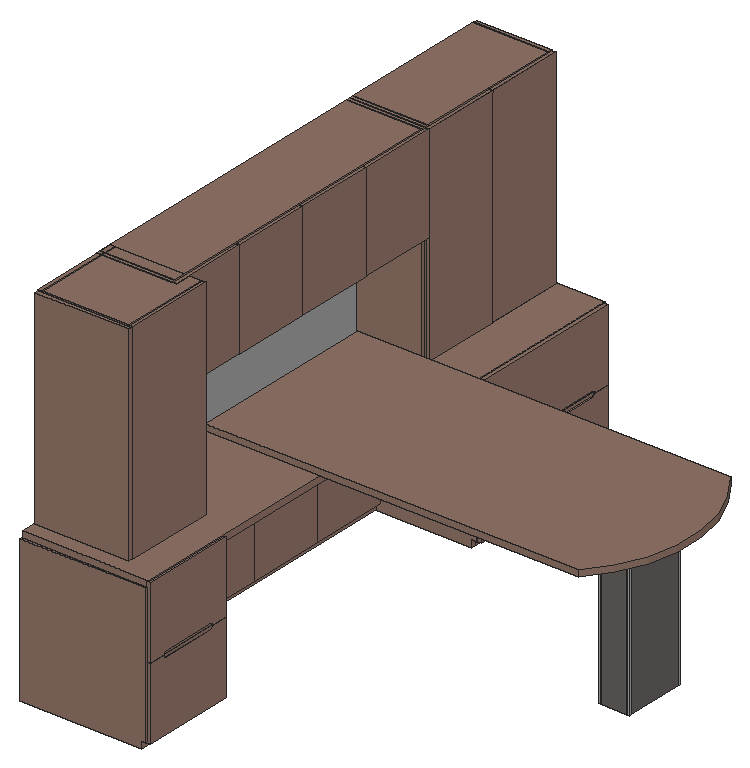
Revit family "T100041", category Furniture, Revit 2022 (continued)
Definition of nested family "OFS_Slate Private Office_Storage_Modular_Lateral_File"
  Automatic sketch dimensions
    plane 9 to Revolve 14 sketch curve = 0.00"
    Revolve 14 sketch curve to level = 0.00"  (x2)
    plane 12 to Revolve 14 sketch curve = 3.37205"
    Revolve 14 sketch curve to Revolve 14 sketch curve = 0.04296"
    Revolve 14 sketch curve to Revolve 14 sketch curve = 0.00072"
    Revolve 14 sketch curve to Revolve 14 sketch curve = 0.28868"
    Revolve 14 sketch curve to level = 0.12988"
    Revolve 14 sketch curve to Revolve 14 sketch curve = 0.00"
    level to Revolve 14 sketch curve = 0.06704"
    Extrusion 15 sketch curve to plane 7 = 0.40862"
    plane 3 "Center (Left/Right)" to Extrusion 15 sketch curve = 3.67819"
    plane 8 to Extrusion 15 sketch curve = 0.50"
    Extrusion 15 sketch curve to Extrusion 15 sketch curve = 0.0001"
    Extrusion 15 sketch curve to plane 7 = 0.40368"
    plane 10 to Extrusion 15 sketch curve = 2.45029"
    Extrusion 15 sketch curve to plane 8 = 0.06379"
    Extrusion 16 sketch curve to plane 4 = 0.56013"
    plane 3 "Center (Left/Right)" to Extrusion 16 sketch curve = 3.67819"
    plane 4 to Extrusion 16 sketch curve = 0.5625"
    Extrusion 16 sketch curve to Extrusion 16 sketch curve = 0.0001"
    Extrusion 16 sketch curve to plane 4 = 0.56507"
    plane 10 to Extrusion 16 sketch curve = 2.45029"
    Extrusion 16 sketch curve to plane 4 = 0.00128"
    Extrusion 17 sketch curve to plane 7 = 0.40862"
    plane 3 "Center (Left/Right)" to Extrusion 17 sketch curve = 3.67819"
    plane 8 to Extrusion 17 sketch curve = 0.50"
    Extrusion 17 sketch curve to Extrusion 17 sketch curve = 0.0001"
    Extrusion 17 sketch curve to plane 7 = 0.40368"
    plane 10 to Extrusion 17 sketch curve = 2.44305"
    Extrusion 17 sketch curve to plane 8 = 0.06378"
    Extrusion 18 sketch curve to plane 7 = 0.40862"
    plane 3 "Center (Left/Right)" to Extrusion 18 sketch curve = 3.67819"
    plane 8 to Extrusion 18 sketch curve = 0.50"
    Extrusion 18 sketch curve to Extrusion 18 sketch curve = 0.0001"
    Extrusion 18 sketch curve to plane 7 = 0.40471"
    Extrusion 18 sketch curve to plane 10 = 3.55669"
    Extrusion 18 sketch curve to plane 8 = 0.06327"
    Extrusion 19 sketch curve to plane 4 = 0.56013"
    plane 3 "Center (Left/Right)" to Extrusion 19 sketch curve = 3.67819"
    plane 4 to Extrusion 19 sketch curve = 0.5625"
    Extrusion 19 sketch curve to Extrusion 19 sketch curve = 0.0001"
    Extrusion 19 sketch curve to plane 4 = 0.56404"
    Extrusion 19 sketch curve to plane 10 = 3.54725"
    Extrusion 19 sketch curve to plane 4 = 0.00077"
    Extrusion 20 sketch curve to plane 7 = 0.40862"
    plane 3 "Center (Left/Right)" to Extrusion 20 sketch curve = 3.67819"
    plane 8 to Extrusion 20 sketch curve = 0.50"
    Extrusion 20 sketch curve to Extrusion 20 sketch curve = 0.0001"
    Extrusion 20 sketch curve to plane 7 = 0.40471"
    Extrusion 20 sketch curve to plane 10 = 3.55669"
    Extrusion 20 sketch curve to plane 8 = 0.06327"
    Extrusion 21 sketch curve to plane 4 = 0.56013"
    plane 3 "Center (Left/Right)" to Extrusion 21 sketch curve = 3.67819"  (x2)
    plane 4 to Extrusion 21 sketch curve = 0.00119"
    Extrusion 21 sketch curve to Extrusion 21 sketch curve = 0.0001"  (x3)
    Extrusion 21 sketch curve to plane 10 = 3.54725"  (x2)
    Extrusion 21 sketch curve to plane 4 = 0.56404"
    Extrusion 21 sketch curve to plane 4 = 0.00077"
    Extrusion 21 sketch curve to Extrusion 21 sketch curve = 12.65465"
    Extrusion 21 sketch curve to Extrusion 21 sketch curve = 12.65857"
    Extrusion 21 sketch curve to Extrusion 21 sketch curve = 0.56327"
    Extrusion 22 sketch curve to plane 7 = 0.40966"
    plane 3 "Center (Left/Right)" to Extrusion 22 sketch curve = 3.67819"
    Extrusion 22 sketch curve to plane 8 = 0.05884"
    Extrusion 22 sketch curve to Extrusion 22 sketch curve = 0.0001"
    plane 8 to Extrusion 22 sketch curve = 0.50"
    Extrusion 22 sketch curve to plane 7 = 0.40471"
    plane 10 to Extrusion 22 sketch curve = 2.44331"
    Extrusion 22 sketch curve to plane 8 = 0.06327"
    plane 4 to Extrusion 23 sketch curve = 0.5625"
    plane 3 "Center (Left/Right)" to Extrusion 23 sketch curve = 3.61203"
    plane 3 "Center (Left/Right)" to Extrusion 23 sketch curve = 3.67819"
    Extrusion 23 sketch curve to plane 4 = 0.55909"
    Extrusion 23 sketch curve to Extrusion 23 sketch curve = 0.06616"
    Extrusion 23 sketch curve to Extrusion 23 sketch curve = 0.0001"  (x2)
    plane 4 to Extrusion 23 sketch curve = 0.00366"
    Extrusion 23 sketch curve to plane 4 = 0.56404"
    plane 10 to Extrusion 23 sketch curve = 2.44209"
    Extrusion 23 sketch curve to plane 4 = 0.00077"
    plane 10 to Extrusion 23 sketch curve = 2.44958"
    Extrusion 23 sketch curve to Extrusion 23 sketch curve = 12.65362"
    Extrusion 23 sketch curve to Extrusion 23 sketch curve = 12.65857"
    Extrusion 23 sketch curve to Extrusion 23 sketch curve = 0.56379"
    plane 1 "Center (Front/Back)" to Masking region 1 sketch curve = 0.00"
    Masking region 1 sketch curve to plane 3 "Center (Left/Right)" = 0.00"
    Masking region 1 sketch curve to plane 10 = 0.00"
    plane 12 to Masking region 1 sketch curve = 0.00"
    plane 1 "Center (Front/Back)" to Masking region 2 sketch curve = 0.00"
    Masking region 2 sketch curve to plane 3 "Center (Left/Right)" = 0.00"
    Masking region 2 sketch curve to plane 11 = 0.00"
    plane 12 to Masking region 2 sketch curve = 0.00"
    plane 9 to Revolve 24 sketch curve = 0.00"
    Revolve 24 sketch curve to level = 0.00"  (x2)
    Revolve 24 sketch curve to plane 1 "Center (Front/Back)" = 1.09044"
    Revolve 24 sketch curve to Revolve 24 sketch curve = 0.04296"
    Revolve 24 sketch curve to Revolve 24 sketch curve = 0.00072"
    Revolve 24 sketch curve to Revolve 24 sketch curve = 0.28868"
    Revolve 24 sketch curve to level = 0.12988"
    Revolve 24 sketch curve to Revolve 24 sketch curve = 0.00"
    level to Revolve 24 sketch curve = 0.06704"
    plane 9 to Revolve 25 sketch curve = 0.00"
    Revolve 25 sketch curve to level = 0.00"  (x2)
    plane 12 to Revolve 25 sketch curve = 3.37312"
    Revolve 25 sketch curve to Revolve 25 sketch curve = 0.04296"
    Revolve 25 sketch curve to Revolve 25 sketch curve = 0.00072"
    Revolve 25 sketch curve to Revolve 25 sketch curve = 0.28868"
    Revolve 25 sketch curve to level = 0.12988"
    Revolve 25 sketch curve to Revolve 25 sketch curve = 0.00"
    level to Revolve 25 sketch curve = 0.06704"
    Extrusion 26 sketch curve to plane 9 = 0.00"
    plane 3 "Center (Left/Right)" to Extrusion 26 sketch curve = 0.75"
    Extrusion 26 sketch curve to plane 10 = 0.75"
    Extrusion 26 sketch curve to Extrusion 26 sketch curve = 4.00"
    Extrusion 27 sketch curve to plane 9 = 0.00"
    Extrusion 27 sketch curve to plane 10 = 0.00"
    Extrusion 27 sketch curve to Extrusion 27 sketch curve = 0.75"
    plane 4 to Extrusion 27 sketch curve = 26.37495"
    plane 3 "Center (Left/Right)" to Extrusion 28 sketch curve = 0.75"
    Extrusion 28 sketch curve to plane 10 = 0.75"
    Extrusion 28 sketch curve to plane 9 = 4.00"
    plane 4 to Extrusion 28 sketch curve = 26.37495"
    Extrusion 29 sketch curve to plane 3 "Center (Left/Right)" = 0.00"
    Extrusion 29 sketch curve to plane 9 = 0.00"
    plane 3 "Center (Left/Right)" to Extrusion 29 sketch curve = 0.75"
    plane 4 to Extrusion 29 sketch curve = 26.37495"
    plane 1 "Center (Front/Back)" to Extrusion 30 sketch curve = 0.75"
    plane 3 "Center (Left/Right)" to Extrusion 30 sketch curve = 0.75"
    Extrusion 30 sketch curve to plane 12 = 1.71161"
    Extrusion 30 sketch curve to plane 10 = 0.75"
    Extrusion 31 sketch curve to plane 10 = 0.75"
    Extrusion 31 sketch curve to plane 12 = 8.83661"
    plane 3 "Center (Left/Right)" to Extrusion 31 sketch curve = 0.75"
    Extrusion 31 sketch curve to Extrusion 31 sketch curve = 4.00"
    Extrusion 32 sketch curve to plane 10 = 0.75"
    plane 1 "Center (Front/Back)" to Extrusion 32 sketch curve = 4.00"
    plane 3 "Center (Left/Right)" to Extrusion 32 sketch curve = 0.75"
    Extrusion 32 sketch curve to Extrusion 32 sketch curve = 4.00"
    Extrusion 33 sketch curve to plane 10 = 0.00"  (x4)
    plane 3 "Center (Left/Right)" to Extrusion 33 sketch curve = 0.135"
    plane 8 to Extrusion 33 sketch curve = 0.00"
    Extrusion 33 sketch curve to Extrusion 33 sketch curve = 0.00801"
    plane 3 "Center (Left/Right)" to Extrusion 33 sketch curve = 0.125"  (x2)
    Extrusion 33 sketch curve to plane 8 = 0.125"
    Extrusion 33 sketch curve to plane 9 = 1.25"
    Extrusion 33 sketch curve to plane 4 = 0.0625"
    plane 4 to Extrusion 33 sketch curve = 0.0625"
    Extrusion 33 sketch curve to Extrusion 33 sketch curve = 13.65625"  (x2)
    Extrusion 33 sketch curve to Extrusion 33 sketch curve = 0.12495"
    Extrusion 34 sketch curve to plane 9 = 0.00"
    Extrusion 34 sketch curve to plane 10 = 0.00"
    Extrusion 34 sketch curve to Extrusion 34 sketch curve = 0.75"
    plane 4 to Extrusion 34 sketch curve = 12.59375"
    plane 3 "Center (Left/Right)" to Extrusion 35 sketch curve = 0.75"
    Extrusion 35 sketch curve to plane 10 = 0.75"
    Extrusion 35 sketch curve to plane 9 = 4.00"
    plane 4 to Extrusion 35 sketch curve = 12.59375"
    Extrusion 36 sketch curve to plane 3 "Center (Left/Right)" = 0.00"
    Extrusion 36 sketch curve to plane 9 = 0.00"
    plane 3 "Center (Left/Right)" to Extrusion 36 sketch curve = 0.75"
    plane 4 to Extrusion 36 sketch curve = 12.59375"
    Extrusion 37 sketch curve to plane 10 = 0.00"  (x3)
    plane 3 "Center (Left/Right)" to Extrusion 37 sketch curve = 0.135"
    plane 8 to Extrusion 37 sketch curve = 0.00"
    Extrusion 37 sketch curve to Extrusion 37 sketch curve = 0.00801"
    plane 3 "Center (Left/Right)" to Extrusion 37 sketch curve = 0.125"
    Extrusion 37 sketch curve to plane 8 = 0.125"
    Extrusion 37 sketch curve to plane 9 = 1.25"
    Extrusion 37 sketch curve to plane 4 = 0.0625"
    plane 4 to Extrusion 37 sketch curve = 0.0625"
    Extrusion 37 sketch curve to Extrusion 37 sketch curve = 13.65625"
    Extrusion 38 sketch curve to plane 10 = 0.75"
    Extrusion 38 sketch curve to plane 12 = 8.83661"
    plane 3 "Center (Left/Right)" to Extrusion 38 sketch curve = 0.75"
    Extrusion 38 sketch curve to Extrusion 38 sketch curve = 4.00"
    Extrusion 39 sketch curve to plane 10 = 0.75"
    plane 1 "Center (Front/Back)" to Extrusion 39 sketch curve = 4.00"
    plane 3 "Center (Left/Right)" to Extrusion 39 sketch curve = 0.75"
    Extrusion 39 sketch curve to Extrusion 39 sketch curve = 4.00"
    Extrusion 40 sketch curve to plane 9 = 0.00"
    plane 3 "Center (Left/Right)" to Extrusion 40 sketch curve = 0.75"
    Extrusion 40 sketch curve to plane 10 = 0.75"
    Extrusion 40 sketch curve to Extrusion 40 sketch curve = 4.00"
    plane 1 "Center (Front/Back)" to Extrusion 41 sketch curve = 0.75"
    plane 3 "Center (Left/Right)" to Extrusion 41 sketch curve = 0.75"
    Extrusion 41 sketch curve to plane 12 = 1.71161"
    Extrusion 41 sketch curve to plane 10 = 0.75"
    Extrusion 42 sketch curve to plane 9 = 0.00"
    plane 3 "Center (Left/Right)" to Extrusion 42 sketch curve = 0.75"
    Extrusion 42 sketch curve to plane 11 = 0.75"
    Extrusion 42 sketch curve to Extrusion 42 sketch curve = 4.00"
    Extrusion 43 sketch curve to plane 9 = 0.00"
    Extrusion 43 sketch curve to plane 11 = 0.00"
    Extrusion 43 sketch curve to plane 11 = 0.75"
    plane 4 to Extrusion 43 sketch curve = 12.59375"
    plane 3 "Center (Left/Right)" to Extrusion 44 sketch curve = 0.75"
    Extrusion 44 sketch curve to plane 11 = 0.75"
    Extrusion 44 sketch curve to plane 9 = 4.00"
    plane 4 to Extrusion 44 sketch curve = 12.59375"
    Extrusion 45 sketch curve to plane 3 "Center (Left/Right)" = 0.00"
    Extrusion 45 sketch curve to plane 9 = 0.00"
    plane 3 "Center (Left/Right)" to Extrusion 45 sketch curve = 0.75"
    plane 4 to Extrusion 45 sketch curve = 12.59375"
    plane 1 "Center (Front/Back)" to Extrusion 46 sketch curve = 0.75"
    plane 3 "Center (Left/Right)" to Extrusion 46 sketch curve = 0.75"
    Extrusion 46 sketch curve to plane 12 = 1.71161"
    Extrusion 46 sketch curve to plane 11 = 0.75"
    Extrusion 47 sketch curve to plane 11 = 0.00"  (x3)
    plane 3 "Center (Left/Right)" to Extrusion 47 sketch curve = 0.135"
    plane 8 to Extrusion 47 sketch curve = 0.00"
    Extrusion 47 sketch curve to Extrusion 47 sketch curve = 0.00801"
    plane 3 "Center (Left/Right)" to Extrusion 47 sketch curve = 0.125"
    Extrusion 47 sketch curve to plane 8 = 0.125"
    Extrusion 47 sketch curve to plane 9 = 1.25"
    Extrusion 47 sketch curve to plane 4 = 0.0625"
    plane 4 to Extrusion 47 sketch curve = 0.0625"
    Extrusion 47 sketch curve to Extrusion 47 sketch curve = 13.65625"
    Extrusion 48 sketch curve to plane 11 = 0.75"
    Extrusion 48 sketch curve to plane 12 = 8.83661"
    plane 3 "Center (Left/Right)" to Extrusion 48 sketch curve = 0.75"
    Extrusion 48 sketch curve to Extrusion 48 sketch curve = 4.00"
    Extrusion 49 sketch curve to plane 11 = 0.75"
    plane 1 "Center (Front/Back)" to Extrusion 49 sketch curve = 4.00"
    plane 3 "Center (Left/Right)" to Extrusion 49 sketch curve = 0.75"
    Extrusion 49 sketch curve to Extrusion 49 sketch curve = 4.00"
    Extrusion 50 sketch curve to plane 9 = 0.00"
    plane 3 "Center (Left/Right)" to Extrusion 50 sketch curve = 0.75"
    Extrusion 50 sketch curve to plane 11 = 0.75"
    Extrusion 50 sketch curve to Extrusion 50 sketch curve = 4.00"
    Extrusion 51 sketch curve to plane 9 = 0.00"
    Extrusion 51 sketch curve to plane 5 = 0.00"
    Extrusion 51 sketch curve to plane 11 = 0.00"
    Extrusion 51 sketch curve to plane 11 = 0.75"
    plane 3 "Center (Left/Right)" to Extrusion 52 sketch curve = 0.75"
    Extrusion 52 sketch curve to plane 11 = 0.75"
    plane 8 to Extrusion 52 sketch curve = 4.53125"
    Extrusion 52 sketch curve to plane 6 = 3.25"
    Extrusion 53 sketch curve to plane 3 "Center (Left/Right)" = 0.00"
    Extrusion 53 sketch curve to plane 9 = 0.00"
    Extrusion 53 sketch curve to plane 5 = 0.00"
    plane 3 "Center (Left/Right)" to Extrusion 53 sketch curve = 0.75"
    plane 1 "Center (Front/Back)" to Extrusion 54 sketch curve = 0.75"
    plane 3 "Center (Left/Right)" to Extrusion 54 sketch curve = 0.75"
    Extrusion 54 sketch curve to plane 12 = 1.71161"
    Extrusion 54 sketch curve to plane 11 = 0.75"
    Extrusion 55 sketch curve to plane 11 = 0.00"  (x2)
    plane 8 to Extrusion 55 sketch curve = 0.00"
    plane 3 "Center (Left/Right)" to Extrusion 55 sketch curve = 0.12699"
    Extrusion 55 sketch curve to Extrusion 55 sketch curve = 0.00"
    Extrusion 55 sketch curve to plane 8 = 0.125"
    Extrusion 55 sketch curve to plane 9 = 1.25"
    Extrusion 55 sketch curve to plane 4 = 0.0625"
    Extrusion 56 sketch curve to plane 11 = 0.75"
    Extrusion 56 sketch curve to plane 12 = 8.83661"
    plane 3 "Center (Left/Right)" to Extrusion 56 sketch curve = 0.75"
    Extrusion 56 sketch curve to Extrusion 56 sketch curve = 4.00"
    Extrusion 57 sketch curve to plane 11 = 0.75"
    plane 1 "Center (Front/Back)" to Extrusion 57 sketch curve = 4.00"
    plane 3 "Center (Left/Right)" to Extrusion 57 sketch curve = 0.75"
    Extrusion 57 sketch curve to Extrusion 57 sketch curve = 4.00"
    Extrusion 58 sketch curve to plane 9 = 0.00"
    plane 3 "Center (Left/Right)" to Extrusion 58 sketch curve = 0.75"
    Extrusion 58 sketch curve to plane 11 = 0.75"
    Extrusion 58 sketch curve to Extrusion 58 sketch curve = 4.00"
    Extrusion 59 sketch curve to plane 9 = 0.00"
    Extrusion 59 sketch curve to plane 11 = 0.00"
    Extrusion 59 sketch curve to Extrusion 59 sketch curve = 0.75"
    plane 4 to Extrusion 59 sketch curve = 26.37495"
    plane 3 "Center (Left/Right)" to Extrusion 60 sketch curve = 0.75"
    Extrusion 60 sketch curve to plane 11 = 0.75"
    Extrusion 60 sketch curve to plane 9 = 4.00"
    plane 4 to Extrusion 60 sketch curve = 26.37495"
    Extrusion 61 sketch curve to plane 3 "Center (Left/Right)" = 0.00"
    Extrusion 61 sketch curve to plane 9 = 0.00"
    plane 3 "Center (Left/Right)" to Extrusion 61 sketch curve = 0.75"
    plane 4 to Extrusion 61 sketch curve = 26.37495"
    plane 1 "Center (Front/Back)" to Extrusion 62 sketch curve = 0.75"
    plane 3 "Center (Left/Right)" to Extrusion 62 sketch curve = 0.75"
    Extrusion 62 sketch curve to plane 12 = 1.71161"
    Extrusion 62 sketch curve to plane 11 = 0.75"
    Extrusion 63 sketch curve to plane 11 = 0.00"  (x4)
    plane 3 "Center (Left/Right)" to Extrusion 63 sketch curve = 0.135"
    plane 8 to Extrusion 63 sketch curve = 0.00"
    Extrusion 63 sketch curve to Extrusion 63 sketch curve = 0.00801"
    plane 3 "Center (Left/Right)" to Extrusion 63 sketch curve = 0.125"  (x2)
    Extrusion 63 sketch curve to plane 8 = 0.125"
    Extrusion 63 sketch curve to plane 9 = 1.25"
    Extrusion 63 sketch curve to plane 4 = 0.0625"
    plane 4 to Extrusion 63 sketch curve = 0.0625"
    Extrusion 63 sketch curve to Extrusion 63 sketch curve = 13.65625"  (x2)
    Extrusion 63 sketch curve to Extrusion 63 sketch curve = 0.12495"
    Extrusion 64 sketch curve to plane 11 = 0.75"
    Extrusion 64 sketch curve to plane 12 = 8.83661"
    plane 3 "Center (Left/Right)" to Extrusion 64 sketch curve = 0.75"
    Extrusion 64 sketch curve to Extrusion 64 sketch curve = 4.00"
    Extrusion 65 sketch curve to plane 11 = 0.75"
    plane 1 "Center (Front/Back)" to Extrusion 65 sketch curve = 4.00"
    plane 3 "Center (Left/Right)" to Extrusion 65 sketch curve = 0.75"
    Extrusion 65 sketch curve to Extrusion 65 sketch curve = 4.00"
  Nested families (in)
    nested 1: "Tag" at (15, -24.83661, 0) x (-1, 0, 0) z (0, 0, 1), visible <- "30W", type "Center", detail levels fine
      with Offset (LR) 0.00", Distance of Center (not Change) 0.11"
    nested 2: "Tag" at (18, -24.83661, 0) x (-1, 0, 0) z (0, 0, 1), visible <- "36W", type "Center", detail levels fine
      with Offset (LR) 0.00", Distance of Center (not Change) 0.11"
  Definition of nested family "Tag"
    Parameters
      P_Width = 0.00"
      Text_Width = "Empty"
      Text_Height = "Empty"
      Text_Diameter = "Empty"
      Text_Depth = "Empty"
      Offset (LR) [instance] = 0.00"
      Model Name = "EK-7168-E"
      P_Height = 0.00"
      Distance of Center (not Change) = 0.00"
      P_Diameter = 0.00"
      P_Depth = 0.00"
    Reference planes (in)
      plane 1: y = 0
      plane 2: x = 0
    Lines and regions (in)
      reference lines
        curve 1: line (-0.44359, 0, 0) -> (0.41085, 0, 0)
        curve 3: line (0, 0.32564, 0) -> (0, -0.40221, 0)
      reference lines, not visible
        curve 2: line (-0.44359, 0.09843, 0) -> (0.41085, 0.09843, 0)
        curve 4: line (0, 0.42407, 0) -> (0, -0.30379, 0)
    Text (in)
      label "Empty" at (0.00197, -0.0079, 0), shows "Model Name"
      label "Empty" at (0.00197, 0.09052, 0), shows "Model Name", not visible
    Dimensions and locks (in)
      "Distance of Center (not Change)": plane 1 to curve 1
      "Offset (LR)": curve 3 to plane 2
    Automatic sketch dimensions
      curve 1 to curve 3 = 0.44359"
      curve 3 to curve 1 = 0.41085"
      curve 3 to curve 1 = 0.40221"
      curve 1 to curve 3 = 0.32564"
      curve 2 to curve 4 = 0.44359"
      curve 4 to curve 2 = 0.41085"
      curve 4 to curve 2 = 0.40221"
      curve 2 to curve 4 = 0.32564"
Definition of nested family "OFS_Slate Private Office_TackBoard"
  Parameters (values of type "OFS_Slate Private Office_TackBoard")
    Width = 60.00"
    URL = "http://www.ofsbrands.com/"
    Model = "Type Catalog"
    Manufacturer = "OFS BRANDS"  # constant formula
    Height = 19.00"
    Elevation [instance] = 30.50"
    Description = "Type Catalog"
    Default Elevation = 0.00"
    Copyright © = "© 2016 OFS BRANDS"  # constant formula
    Catalog = "OFS"  # constant formula
    Board [instance] = none
    Authoring Version = "Autodesk Revit Architecture 2014"  # constant formula
    Assembly Code = "E2020200"
    2 Piece = Width > 96.00"  # no
    1 Piece = not([2 Piece])  # yes
  Reference planes (in)
    plane 1 "Center (Front/Back)": y = 0
    plane 2: z = 0
    plane 3 "Center (Left/Right)": x = 0
    plane 4: x = 30
    plane 5: x = 1.8125
    plane 6: x = 58.1875
    plane 7: x = 60
    plane 8: z = 30.5
    plane 9: z = 49.5
  Forms (in)
    Extrusion 1, solid, material <- "Board", visible <- "1 Piece"
      sketch origin (1.8125, -1.1875, 47.24409) x (0, -1, 0) y (0, 0, 1)
        loop
          line (-0.4375, 2.25591) -> (-0.4375, -16.74409) -> (0, -16.74409) -> (0, 2.25591) -> (-0.4375, 2.25591)
      from 0 to -56.375
    Extrusion 2, solid, material <- "Board", visible <- "2 Piece"
      sketch origin (1.8125, -1.1875, 47.24409) x (0, -1, 0) y (0, 0, 1)
        loop
          line (-0.4375, 2.25591) -> (-0.4375, -16.74409) -> (0, -16.74409) -> (0, 2.25591) -> (-0.4375, 2.25591)
      from 0 to -28.1875
    Extrusion 3, solid, material <- "Board", visible <- "2 Piece"
      sketch origin (58.1875, -1.1875, 47.24409) x (0, -1, 0) y (0, 0, -1)
        loop
          line (-0.4375, -2.25591) -> (0, -2.25591) -> (0, 16.74409) -> (-0.4375, 16.74409) -> (-0.4375, -2.25591)
      from 0 to -28.1875
  Lines and regions (in)
    Masking region 1
      outline origin (71.16612, -60, 49.5) x (0, -1, 0) y (1, 0, 0)
        loop
          line (-59.25, -69.35362) -> (-58.8125, -69.35362) -> (-58.8125, -12.97862) -> (-59.25, -12.97862) -> (-59.25, -69.35362)
    symbolic lines, visible <- "2 Piece", detail levels medium+fine
      curve 1: line (30, -1.1875, 49.5) -> (30, -0.75, 49.5)
  Dimensions and locks (in)
    locked: plane 3 "Center (Left/Right)" to plane 5 at 1.8125
    locked: plane 6 to plane 7 at 1.8125
    "Width": plane 3 "Center (Left/Right)" to plane 7
    equal spacing: plane 5, plane 4, plane 6
    "Elevation": plane 8 to level
    "Height": plane 9 to plane 8
    aligned and locked: level to plane 2
    aligned and locked: plane 8 to Extrusion 1 sketch curve
    aligned and locked: plane 9 to Extrusion 1 sketch curve
    aligned and locked: plane 6 to Extrusion 1
    aligned and locked: Extrusion 2 sketch curve to Extrusion 1  (x2)
    aligned and locked: Extrusion 2 to plane 4
    aligned and locked: plane 4 to Extrusion 3
    aligned and locked: plane 6 to Extrusion 3
    aligned and locked: plane 9 to Extrusion 3 sketch curve
    aligned and locked: plane 8 to Extrusion 3 sketch curve
    aligned and locked: nested 1 to Extrusion 3
    aligned and locked: plane 4 to nested 1
    aligned and locked: Masking region 1 sketch curve to Extrusion 1  (x2)
    aligned and locked: plane 4 to curve 1
  Automatic sketch dimensions
    plane 1 "Center (Front/Back)" to Extrusion 1 sketch curve = 0.75"
    Extrusion 1 sketch curve to Extrusion 1 sketch curve = 0.4375"
    plane 1 "Center (Front/Back)" to Extrusion 2 sketch curve = 0.75"
    Extrusion 2 sketch curve to Extrusion 2 sketch curve = 0.4375"
    plane 1 "Center (Front/Back)" to Extrusion 3 sketch curve = 0.75"
    Extrusion 3 sketch curve to Extrusion 3 sketch curve = 0.4375"
    plane 1 "Center (Front/Back)" to Masking region 1 sketch curve = 0.75"
    Masking region 1 sketch curve to Masking region 1 sketch curve = 0.4375"
    plane 1 "Center (Front/Back)" to curve 1 = 0.75"
    plane 1 "Center (Front/Back)" to curve 1 = 1.1875"
  Nested families (in)
    nested 1: "Tag" at (30, -1.1875, 0), type "Center", detail levels fine
      with Offset (LR) 0.00", Distance of Center (not Change) 0.11"
  Definition of nested family "Tag"
    Parameters
      P_Width = 0.00"
      Text_Width = "Empty"
      Text_Height = "Empty"
      Text_Diameter = "Empty"
      Text_Depth = "Empty"
      Offset (LR) [instance] = 0.00"
      Model Name = "Type Catalog"
      P_Height = 0.00"
      Distance of Center (not Change) = 0.10"
      P_Diameter = 0.00"
      P_Depth = 0.00"
    Reference planes (in)
      plane 1: y = 0
      plane 2: x = 0
    Lines and regions (in)
      reference lines
        curve 1: line (-0.44359, 0.1, 0) -> (0.41085, 0.1, 0)
        curve 3: line (0, 0.42564, 0) -> (0, -0.30221, 0)
      reference lines, not visible
        curve 2: line (-0.44359, 0.09843, 0) -> (0.41085, 0.09843, 0)
        curve 4: line (0, 0.42407, 0) -> (0, -0.30379, 0)
    Text (in)
      label "Empty" at (0.00197, 0.0921, 0), shows "Model Name"
      label "Empty" at (0.00197, 0.09052, 0), shows "Model Name", not visible
    Dimensions and locks (in)
      "Distance of Center (not Change)": plane 1 to curve 1
      "Offset (LR)": curve 3 to plane 2
    Automatic sketch dimensions
      curve 1 to curve 3 = 0.44359"
      curve 3 to curve 1 = 0.41085"
      curve 3 to curve 1 = 0.40221"
      curve 1 to curve 3 = 0.32564"
      curve 2 to curve 4 = 0.44359"
      curve 4 to curve 2 = 0.41085"
      curve 4 to curve 2 = 0.40221"
      curve 2 to curve 4 = 0.32564"
Definition of nested family "OFS SLATE MODULAR ACCESS KNEESPACE SUPPORT PANEL"
  Parameters (values of type "MODULAR ACCESS KNEESPACE SUPPORT PANEL 2 Doors 36W")
    Width = 36.00"
    URL = "http://www.ofs.com/"
    Surface [instance] = none
    Model = "CA-3628MK"
    Mid Board = yes
    Metal Hook = none
    Manufacturer = "CAROLINA"
    Height = 28.00"
    Glides Material = none
    Glidem = yes
    Hook Board = no
    Description = "OFS SLATE MODULAR ACCESS KNEESPACE SUPPORT PANEL, 2 Door, 36\" Width, Hinged Door Support Wall"
    Depth = 5.75"
    Default Elevation = 0.00"
    Copyright © = "© 2019 OFS"
    Catalog = "https://ofs.com/products/tables/conference/slate"
    Board Thickness = 0.75"
    Authoring Version = "Autodesk Revit Architecture 2014"
    Assembly Code = "E2020200"
    Gap = 0.0625"
    4 Doors = no
    3 Doors = no
    MidLat Boards = no
    2 Doors = yes
    1 Door = no
  Types (9): name | Width | Model | Mid Board | Glidem | Hook Board | Description | 4 Doors | 3 Doors | MidLat Boards | 2 Doors | 1 Door
    MODULAR ACCESS KNEESPACE SUPPORT PANEL 1 Door 18W | 18.00" | "CA-1828MK" | no | no | no | "OFS SLATE MODULAR ACCESS KNEESPACE SUPPORT PANEL, 1 Door, 18\" Width, Hinged Door Support Wall" | no | no | no | no | yes
    MODULAR ACCESS KNEESPACE SUPPORT PANEL 2 Doors 30W | 30.00" | "CA-3028MK" | yes | yes | no | "OFS SLATE MODULAR ACCESS KNEESPACE SUPPORT PANEL, 2 Door, 30\" Width, Hinged Door Support Wall" | no | no | no | yes | no
    MODULAR ACCESS KNEESPACE SUPPORT PANEL 2 Doors 36W | 36.00" | "CA-3628MK" | yes | yes | no | "OFS SLATE MODULAR ACCESS KNEESPACE SUPPORT PANEL, 2 Door, 36\" Width, Hinged Door Support Wall" | no | no | no | yes | no
    MODULAR ACCESS KNEESPACE SUPPORT PANEL 3 Doors 42W | 42.00" | "CA-4228MK" | no | no | no | "OFS SLATE MODULAR ACCESS KNEESPACE SUPPORT PANEL, 3 Door, 42\" Width, Hinged Door Support Wall" | no | yes | no | no | no
    MODULAR ACCESS KNEESPACE SUPPORT PANEL 3 Doors 48W | 48.00" | "CA-4828MK" | no | no | no | "OFS SLATE MODULAR ACCESS KNEESPACE SUPPORT PANEL, 3 Door, 48\" Width, Hinged Door Support Wall" | no | yes | no | no | no
    MODULAR ACCESS KNEESPACE SUPPORT PANEL 3 Doors 54W | 54.00" | "CA-5428MK" | no | no | yes | "OFS SLATE MODULAR ACCESS KNEESPACE SUPPORT PANEL, 3 Door, 54\" Width, Hinged Door Support Wall" | no | yes | no | no | no
    MODULAR ACCESS KNEESPACE SUPPORT PANEL 4 Doors 60W | 60.00" | "CA-6028MK" | no | yes | yes | "OFS SLATE MODULAR ACCESS KNEESPACE SUPPORT PANEL, 4 Door, 60\" Width, Hinged Door Support Wall" | yes | no | yes | no | no
    MODULAR ACCESS KNEESPACE SUPPORT PANEL 4 Doors 66W | 66.00" | "CA-6628MK" | no | yes | yes | "OFS SLATE MODULAR ACCESS KNEESPACE SUPPORT PANEL, 4 Door, 66\" Width, Hinged Door Support Wall" | yes | no | yes | no | no
    MODULAR ACCESS KNEESPACE SUPPORT PANEL 4 Doors 72W | 72.00" | "CA-7228MK" | no | yes | yes | "OFS SLATE MODULAR ACCESS KNEESPACE SUPPORT PANEL, 4 Door, 72\" Width, Hinged Door Support Wall" | yes | no | yes | no | no
  Reference planes (in)
    plane 1 "Back": y = -4.75
    plane 2: z = 0
    plane 3 "Left": x = 0
    plane 4 "Center (Left/Right)": x = 18
    plane 5 "Right": x = 36
    plane 6 "Center (Front/Back)": y = -7.625
    plane 7 "Front": y = -10.5
    plane 8: z = 28
    plane 9: y = -9.75
    plane 10: y = -5.5
    plane 11: x = 0.75
    plane 12: x = 35.25
    plane 13: z = 1.95
    plane 14: z = 1.7
    plane 15: z = 27.25
    plane 16: z = 24.75
    plane 17: z = 0.45
    plane 18: x = 18.375
    plane 19: x = 17.625
    plane 20: x = 27
    plane 21: x = 27.375
    plane 22: x = 26.625
    plane 23: x = 9
    plane 24: x = 8.625
    plane 25: x = 9.375
    plane 26: x = 18.03125
    plane 27: x = 17.96875
    plane 28: x = 27.03125
    plane 29: x = 26.96875
    plane 30: x = 9.03125
    plane 31: x = 8.96875
    plane 32: x = 24
    plane 33: x = 24.375
    plane 34: x = 23.625
    plane 35: x = 24.03125
    plane 36: x = 23.96875
    plane 37: x = 12
    plane 38: x = 12.375
    plane 39: x = 11.625
    plane 40: x = 12.03125
    plane 41: x = 11.96875
    plane 42: x = 16
    plane 43: x = 20
    plane 44: y = -6.25
    plane 45: x = 16.9375
    plane 46: x = 19.0625
  Forms (in)
    Extrusion 1, solid, material <- "Surface"
      sketch origin (0, 0, 0) x (1, 0, 0) y (0, 1, 0)
        loop
          line (0.75, -4.75) -> (0.75, -5.5) -> (35.25, -5.5) -> (35.25, -4.75) -> (0.75, -4.75)
      from 24.75 to 28
    Extrusion 2, solid, material <- "Surface", visible <- "1 Door"
      sketch origin (1.94454, -1.94454, 0) x (1, 0, 0) y (0, 1, 0)
        loop
          line (-1.94454, -7.80546) -> (-1.94454, -8.55546) -> (34.05546, -8.55546) -> (34.05546, -7.80546) -> (-1.94454, -7.80546)
      from 1.7 to 27.25
    Extrusion 3, solid, material <- "Surface"
      sketch origin (25.71098, 1.39561, 0) x (1, 0, 0) y (0, 1, 0)
        loop
          line (9.53902, -6.14561) -> (9.53902, -11.14561) -> (10.28902, -11.14561) -> (10.28902, -6.14561) -> (9.53902, -6.14561)
      from 1.95 to 28
    Extrusion 4, solid, material <- "Surface"
      sketch origin (12.23779, 3.14561, 0) x (1, 0, 0) y (0, 1, 0)
        loop
          line (-12.23779, -7.89561) -> (-12.23779, -12.89561) -> (-11.48779, -12.89561) -> (-11.48779, -7.89561) -> (-12.23779, -7.89561)
      from 1.95 to 28
    Extrusion 5, solid, material <- "Surface"
      sketch origin (0, 0, 0) x (1, 0, 0) y (0, 1, 0)
        loop
          line (0, -4.75) -> (0, -9.75) -> (36, -9.75) -> (36, -4.75) -> (0, -4.75)
      from 0.45 to 1.95
    Revolve 6, solid, material <- "Glides Material"
      sketch origin (21.875, -7.625, 0) x (-1, 0, 0) y (0, 0, 1)
        loop
          line (20.43426, 0.45) -> (20.43426, 0) -> (20.67926, 0)
          arc (20.67926, 0) -> (20.80736, 0.10784) -> (20.72294, 0.25244) r 0.13
          line (20.72294, 0.25244) -> (20.72294, 0.45) -> (20.43426, 0.45)
        axis (20.43426, 0) -> (20.43426, 0.45)
      angle from 0 to 360
    Revolve 7, solid, material <- "Glides Material"
      sketch origin (14.125, -7.625, 0) x (1, 0, 0) y (0, 0, 1)
        loop
          line (20.43426, 0.45) -> (20.43426, 0) -> (20.67926, 0)
          arc (20.67926, 0) -> (20.80736, 0.10784) -> (20.72294, 0.25244) r 0.13
          line (20.72294, 0.25244) -> (20.72294, 0.45) -> (20.43426, 0.45)
        axis (20.43426, 0) -> (20.43426, 0.45)
      angle from 0 to 360
    Extrusion 8, solid, material <- "Surface", visible <- "Mid Board"
      sketch origin (18, 0, 0) x (0, 1, 0) y (0, 0, 1)
        loop
          line (-4.75, 24.75) -> (-5.5, 24.75) -> (-5.5, 28) -> (-9.75, 28) -> (-9.75, 1.95) -> (-4.75, 1.95) -> (-4.75, 24.75)
      from -0.375 to 0.375
    Revolve 9, solid, material <- "Glides Material", visible <- "Glidem"
      sketch origin (0.56574, -7.625, 0) x (1, 0, 0) y (0, 0, 1)
        loop
          line (17.43426, 0.45) -> (17.43426, 0) -> (17.67926, 0)
          arc (17.67926, 0) -> (17.80736, 0.10784) -> (17.72294, 0.25244) r 0.13
          line (17.72294, 0.25244) -> (17.72294, 0.45) -> (17.43426, 0.45)
        axis (17.43426, 0) -> (17.43426, 0.45)
      angle from 0 to 360
    Extrusion 10, solid, material <- "Surface", visible <- "MidLat Boards"
      sketch origin (10.5, 0, 0) x (0, 1, 0) y (0, 0, 1)
        loop
          line (-4.75, 24.75) -> (-5.5, 24.75) -> (-5.5, 28) -> (-9.75, 28) -> (-9.75, 1.95) -> (-4.75, 1.95) -> (-4.75, 24.75)
      from -1.875 to -1.125
    Revolve 11, solid, material <- "Glides Material", visible <- "MidLat Boards"
      sketch origin (-6.93426, -7.625, 0) x (1, 0, 0) y (0, 0, 1)
        loop
          line (15.93426, 0.45) -> (15.93426, 0) -> (16.17926, 0)
          arc (16.17926, 0) -> (16.30736, 0.10784) -> (16.22294, 0.25244) r 0.13
          line (16.22294, 0.25244) -> (16.22294, 0.45) -> (15.93426, 0.45)
        axis (15.93426, 0) -> (15.93426, 0.45)
      angle from 0 to 360
    Extrusion 12, solid, material <- "Surface", visible <- "MidLat Boards"
      sketch origin (25.5, 0, 0) x (0, 1, 0) y (0, 0, 1)
        loop
          line (-4.75, 24.75) -> (-5.5, 24.75) -> (-5.5, 28) -> (-9.75, 28) -> (-9.75, 1.95) -> (-4.75, 1.95) -> (-4.75, 24.75)
      from 1.125 to 1.875
    Revolve 13, solid, material <- "Glides Material", visible <- "MidLat Boards"
      sketch origin (8.06574, -7.625, 0) x (1, 0, 0) y (0, 0, 1)
        loop
          line (18.93426, 0.45) -> (18.93426, 0) -> (19.17926, 0)
          arc (19.17926, 0) -> (19.30736, 0.10784) -> (19.22294, 0.25244) r 0.13
          line (19.22294, 0.25244) -> (19.22294, 0.45) -> (18.93426, 0.45)
        axis (18.93426, 0) -> (18.93426, 0.45)
      angle from 0 to 360
    Extrusion 14, solid, material <- "Surface", visible <- "2 Doors"
      sketch origin (25.94454, -4.06586, 0) x (1, 0, 0) y (0, 1, 0)
        loop
          line (-25.94454, -5.68414) -> (-25.94454, -6.43414) -> (-7.97579, -6.43414) -> (-7.97579, -5.68414) -> (-25.94454, -5.68414)
        loop
          line (-7.91329, -5.68414) -> (-7.91329, -6.43414) -> (10.05546, -6.43414) -> (10.05546, -5.68414) -> (-7.91329, -5.68414)
      from 1.7 to 27.25
    Extrusion 15, solid, material <- "Surface", visible <- "4 Doors"
      sketch origin (42.56954, -7.56586, 0) x (1, 0, 0) y (0, 1, 0)
        loop
          line (-42.56954, -2.18414) -> (-42.56954, -2.93414) -> (-33.60079, -2.93414) -> (-33.60079, -2.18414) -> (-42.56954, -2.18414)
        loop
          line (-33.53829, -2.18414) -> (-33.53829, -2.93414) -> (-24.60079, -2.93414) -> (-24.60079, -2.18414) -> (-33.53829, -2.18414)
        loop
          line (-24.53829, -2.18414) -> (-24.53829, -2.93414) -> (-15.60079, -2.93414) -> (-15.60079, -2.18414) -> (-24.53829, -2.18414)
        loop
          line (-15.53829, -2.18414) -> (-15.53829, -2.93414) -> (-6.56954, -2.93414) -> (-6.56954, -2.18414) -> (-15.53829, -2.18414)
      from 1.7 to 27.25
    Extrusion 16, void
      sketch origin (18, 0, 0) x (0, 1, 0) y (0, 0, 1)
        loop
          circle (-7.625, 7.24988) r 1
      from -18 to 18
    Extrusion 17, solid, material <- "Surface", visible <- "3 Doors"
      sketch origin (44.30159, -8.56586, 0) x (1, 0, 0) y (0, 1, 0)
        loop
          line (-44.30159, -1.18414) -> (-44.30159, -1.93414) -> (-32.33284, -1.93414) -> (-32.33284, -1.18414) -> (-44.30159, -1.18414)
        loop
          line (-32.27034, -1.18414) -> (-32.27034, -1.93414) -> (-20.33284, -1.93414) -> (-20.33284, -1.18414) -> (-32.27034, -1.18414)
        loop
          line (-20.27034, -1.18414) -> (-20.27034, -1.93414) -> (-8.30159, -1.93414) -> (-8.30159, -1.18414) -> (-20.27034, -1.18414)
      from 1.7 to 27.25
    Extrusion 18, solid, material <- "Surface", visible <- "Hook Board"
      sketch origin (24.25, 3.25, 0) x (1, 0, 0) y (0, 1, 0)
        loop
          line (-8.25, -8.75) -> (-8.25, -9.5) -> (-4.25, -9.5) -> (-4.25, -8.75) -> (-8.25, -8.75)
      from 1.95 to 28
    Extrusion 19, solid, material <- "Surface", visible <- "Hook Board"
      sketch origin (29.55797, 0.61165, 0) x (1, 0, 0) y (0, 1, 0)
        loop
          line (-11.93297, -6.86165) -> (-11.93297, -10.36165) -> (-11.18297, -10.36165) -> (-11.18297, -6.86165) -> (-11.93297, -6.86165)
      from 1.95 to 24
    Extrusion 20, solid, material <- "Metal Hook", visible <- "Hook Board"
      sketch origin (0, -7.625, 0) x (-1, 0, 0) y (0, 0, 1)
        loop
          line (-16.9375, 27) -> (-16.9375, 27.87338)
          arc (-16.9375, 27.87338) -> (-16.97458, 27.96291) -> (-17.06412, 28) r 0.12662
          line (-17.06412, 28) -> (-18.93588, 28)
          arc (-18.93588, 28) -> (-19.02542, 27.96291) -> (-19.0625, 27.87338) r 0.12662
          line (-19.0625, 27.87338) -> (-19.0625, 27) -> (-18.51912, 24.10196)
          arc (-18.51912, 24.10196) -> (-18.47609, 24.02881) -> (-18.39626, 24) r 0.125
          line (-18.39626, 24) -> (-17.60374, 24)
          arc (-17.60374, 24) -> (-17.52391, 24.02881) -> (-17.48088, 24.10196) r 0.125
          line (-17.48088, 24.10196) -> (-16.9375, 27)
      from 1.375 to 1.25
    Extrusion 21, solid, material <- "Metal Hook", visible <- "Hook Board"
      sketch origin (-116.70954, -7.625, 0.05) x (-1, 0, 0) y (0, 0, 1)
        loop
          line (-134.95954, 24.8875) -> (-134.95954, 27.7625)
          arc (-134.95954, 27.7625) -> (-134.94123, 27.80669) -> (-134.89704, 27.825) r 0.0625
          line (-134.89704, 27.825) -> (-134.33454, 27.825) -> (-134.33454, 27.95) -> (-134.89704, 27.95)
          arc (-134.89704, 27.95) -> (-135.02962, 27.89508) -> (-135.08454, 27.7625) r 0.1875
          line (-135.08454, 27.7625) -> (-135.08454, 24.8875) -> (-134.95954, 24.8875)
      from 1.25 to -11.5
    Extrusion 22, void
      sketch origin (18, 0, 0) x (0, 1, 0) y (0, 0, 1)
        loop
          line (-7.82316, 26.75442) -> (-19.00754, 27.4304)
          arc (-19.00754, 27.4304) -> (-19.09577, 27.46695) -> (-19.13231, 27.55517) r 0.12477
          line (-19.13231, 27.55517) -> (-20.83289, 27.55517) -> (-20.83289, 24.77498) -> (-6.79541, 24.77498) -> (-7.71814, 26.68399)
          arc (-7.71814, 26.68399) -> (-7.76109, 26.73347) -> (-7.82316, 26.75442) r 0.125
      from -1.0625 to 1.0625
    Extrusion 23, solid, material <- "Surface", visible <- "3 Doors"
      sketch origin (13, 0, 0) x (0, 1, 0) y (0, 0, 1)
        loop
          line (-4.75, 24.75) -> (-5.5, 24.75) -> (-5.5, 28) -> (-9.75, 28) -> (-9.75, 1.95) -> (-4.75, 1.95) -> (-4.75, 24.75)
      from -1.375 to -0.625
    Extrusion 24, solid, material <- "Surface", visible <- "3 Doors"
      sketch origin (21, 0, 0) x (0, 1, 0) y (0, 0, 1)
        loop
          line (-4.75, 24.75) -> (-5.5, 24.75) -> (-5.5, 28) -> (-9.75, 28) -> (-9.75, 1.95) -> (-4.75, 1.95) -> (-4.75, 24.75)
      from 2.625 to 3.375
    Revolve 25, solid, material <- "Glides Material", visible <- "3 Doors"
      sketch origin (-2.43426, -7.625, 0) x (1, 0, 0) y (0, 0, 1)
        loop
          line (14.43426, 0.45) -> (14.43426, 0) -> (14.67926, 0)
          arc (14.67926, 0) -> (14.80736, 0.10784) -> (14.72294, 0.25244) r 0.13
          line (14.72294, 0.25244) -> (14.72294, 0.45) -> (14.43426, 0.45)
        axis (14.43426, 0) -> (14.43426, 0.45)
      angle from 0 to 360
    Revolve 26, solid, material <- "Glides Material", visible <- "3 Doors"
      sketch origin (15.56574, -7.625, 0) x (1, 0, 0) y (0, 0, 1)
        loop
          line (8.43426, 0.45) -> (8.43426, 0) -> (8.67926, 0)
          arc (8.67926, 0) -> (8.80736, 0.10784) -> (8.72294, 0.25244) r 0.13
          line (8.72294, 0.25244) -> (8.72294, 0.45) -> (8.43426, 0.45)
        axis (8.43426, 0) -> (8.43426, 0.45)
      angle from 0 to 360
  Cuts and joins
    Extrusion 16 cuts Extrusion 3
    Extrusion 16 cuts Extrusion 4
    Extrusion 22 cuts Extrusion 21
  Dimensions and locks (in)
    equal spacing: plane 3 "Left", plane 4 "Center (Left/Right)", plane 5 "Right"
    "Width": plane 3 "Left" to plane 5 "Right"
    equal spacing: plane 7 "Front", plane 6 "Center (Front/Back)", plane 1 "Back"
    "Depth": plane 7 "Front" to plane 1 "Back"
    "Height": plane 8 to level
    "Board Thickness": plane 7 "Front" to plane 9
    "Board Thickness": plane 1 "Back" to plane 10
    "Board Thickness": plane 3 "Left" to plane 11
    "Board Thickness": plane 12 to plane 5 "Right"
    plane 8 to plane 15 to plane 16 = 0.75" locked, 2.50" locked
    plane 13 to plane 14 to plane 17 to level = 0.25" locked, 1.25" locked, 0.45" locked
    equal spacing: plane 19, plane 4 "Center (Left/Right)", plane 18
    "Board Thickness": plane 19 to plane 18
    equal spacing: plane 22, plane 20, plane 21
    "Board Thickness": plane 22 to plane 21
    equal spacing: plane 25, plane 23, plane 24
    "Board Thickness": plane 25 to plane 24
    equal spacing: plane 3 "Left", plane 23, plane 4 "Center (Left/Right)"
    equal spacing: plane 4 "Center (Left/Right)", plane 20, plane 5 "Right"
    equal spacing: plane 27, plane 4 "Center (Left/Right)", plane 26
    "Gap": plane 27 to plane 26
    "Gap": plane 29 to plane 28
    "Gap": plane 31 to plane 30
    equal spacing: plane 31, plane 23, plane 30
    equal spacing: plane 29, plane 20, plane 28
    equal spacing: plane 34, plane 32, plane 33
    "Board Thickness": plane 34 to plane 33
    equal spacing: plane 36, plane 32, plane 35
    "Gap": plane 36 to plane 35
    equal spacing: plane 39, plane 37, plane 38
    "Board Thickness": plane 39 to plane 38
    equal spacing: plane 41, plane 37, plane 40
    "Gap": plane 41 to plane 40
    equal spacing: plane 3 "Left", plane 37, plane 32, plane 5 "Right"
    locked: plane 42 to plane 4 "Center (Left/Right)" at 2
    locked: plane 43 to plane 4 "Center (Left/Right)" at 2
    "Board Thickness": plane 10 to plane 44
    plane 45 to plane 4 "Center (Left/Right)" to plane 46 = 1.0625" locked, 1.0625" locked
    aligned and locked: level to plane 2
    aligned and locked: plane 1 "Back" to Extrusion 1 sketch curve
    aligned and locked: plane 10 to Extrusion 1 sketch curve
    aligned and locked: plane 11 to Extrusion 1 sketch curve
    aligned and locked: plane 12 to Extrusion 1 sketch curve
    aligned and locked: plane 7 "Front" to Extrusion 2
    aligned and locked: Extrusion 2 to plane 9
    aligned and locked: Extrusion 2 to plane 3 "Left"
    aligned and locked: plane 5 "Right" to Extrusion 2
    aligned and locked: plane 12 to Extrusion 3
    aligned and locked: plane 5 "Right" to Extrusion 3
    aligned and locked: plane 9 to Extrusion 3
    aligned and locked: Extrusion 3 to plane 1 "Back"
    aligned and locked: Extrusion 4 to plane 3 "Left"
    aligned and locked: plane 11 to Extrusion 4
    aligned and locked: plane 9 to Extrusion 4
    aligned and locked: Extrusion 4 to plane 1 "Back"
    aligned and locked: Extrusion 4 to plane 13
    aligned and locked: Extrusion 3 to plane 13
    aligned and locked: Extrusion 2 to plane 14
    aligned and locked: plane 8 to Extrusion 4
    aligned and locked: plane 8 to Extrusion 3
    aligned and locked: plane 8 to Extrusion 1
    aligned and locked: plane 15 to Extrusion 2
    aligned and locked: Extrusion 1 to plane 16
    aligned and locked: plane 3 "Left" to Extrusion 5 sketch curve
    aligned and locked: Extrusion 5 sketch curve to plane 5 "Right"
    aligned and locked: plane 1 "Back" to Extrusion 5 sketch curve
    aligned and locked: Extrusion 5 sketch curve to plane 9
    aligned and locked: Extrusion 5 to plane 17
    aligned and locked: Extrusion 5 to plane 13
    aligned and locked: plane 9 to Extrusion 8 sketch curve
    aligned and locked: plane 8 to Extrusion 8 sketch curve
    aligned and locked: plane 10 to Extrusion 8 sketch curve
    aligned and locked: plane 16 to Extrusion 8 sketch curve
    aligned and locked: Extrusion 8 sketch curve to plane 1 "Back"
    aligned and locked: Extrusion 8 sketch curve to plane 13
    aligned and locked: plane 19 to Extrusion 8
    aligned and locked: plane 18 to Extrusion 8
    aligned and locked: plane 24 to Extrusion 10
    aligned and locked: plane 25 to Extrusion 10
    aligned and locked: plane 21 to Extrusion 12
    aligned and locked: plane 22 to Extrusion 12
    aligned and locked: plane 15 to Extrusion 14
    aligned and locked: Extrusion 14 to plane 14
    aligned and locked: plane 3 "Left" to Extrusion 14 sketch curve
    aligned and locked: plane 27 to Extrusion 14 sketch curve
    aligned and locked: plane 9 to Extrusion 14 sketch curve  (x2)
    aligned and locked: Extrusion 14 sketch curve to plane 7 "Front"  (x2)
    aligned and locked: plane 26 to Extrusion 14 sketch curve
    aligned and locked: Extrusion 14 sketch curve to plane 5 "Right"
    aligned and locked: plane 3 "Left" to Extrusion 15 sketch curve
    aligned and locked: plane 31 to Extrusion 15 sketch curve
    aligned and locked: plane 9 to Extrusion 15 sketch curve  (x4)
    aligned and locked: Extrusion 15 sketch curve to plane 7 "Front"  (x4)
    aligned and locked: plane 30 to Extrusion 15 sketch curve
    aligned and locked: plane 27 to Extrusion 15 sketch curve
    aligned and locked: plane 26 to Extrusion 15 sketch curve
    aligned and locked: plane 29 to Extrusion 15 sketch curve
    aligned and locked: plane 28 to Extrusion 15 sketch curve
    aligned and locked: Extrusion 15 sketch curve to plane 5 "Right"
    aligned and locked: plane 5 "Right" to Extrusion 16
    aligned and locked: Extrusion 16 to plane 3 "Left"
    aligned and locked: plane 3 "Left" to Extrusion 17 sketch curve
    aligned and locked: plane 40 to Extrusion 17 sketch curve
    aligned and locked: plane 41 to Extrusion 17 sketch curve
    aligned and locked: Extrusion 17 sketch curve to plane 5 "Right"
    aligned and locked: plane 35 to Extrusion 17 sketch curve
    aligned and locked: plane 36 to Extrusion 17 sketch curve
    aligned and locked: plane 9 to Extrusion 17 sketch curve  (x3)
    aligned and locked: Extrusion 17 sketch curve to plane 7 "Front"  (x3)
    aligned and locked: Extrusion 18 to plane 44
    aligned and locked: plane 10 to Extrusion 18
    aligned and locked: Extrusion 18 to plane 42
    aligned and locked: Extrusion 18 to plane 43
    aligned and locked: Extrusion 18 to plane 13
    aligned and locked: plane 8 to Extrusion 18
    aligned and locked: plane 19 to Extrusion 19
    aligned and locked: plane 18 to Extrusion 19
    aligned and locked: plane 44 to Extrusion 19
    aligned and locked: plane 9 to Extrusion 19
    aligned and locked: Extrusion 19 to plane 13
    aligned and locked: plane 45 to Extrusion 20
    aligned and locked: Extrusion 20 to plane 46
    aligned and locked: plane 45 to Extrusion 22
    aligned and locked: Extrusion 22 to plane 46
    aligned and locked: plane 19 to Extrusion 21
    aligned and locked: plane 18 to cut or joined group of Extrusion 21, Extrusion 22
    aligned and locked: plane 38 to Extrusion 23
    aligned and locked: plane 39 to Extrusion 23
    aligned and locked: plane 34 to Extrusion 24
    aligned and locked: plane 33 to Extrusion 24
  Automatic sketch dimensions
    Extrusion 2 sketch curve to plane 3 "Left" = 0.00"
    Extrusion 2 sketch curve to plane 5 "Right" = 0.00"
    Extrusion 2 sketch curve to plane 7 "Front" = 0.00"
    Extrusion 2 sketch curve to plane 9 = 0.00"
    plane 9 to Extrusion 3 sketch curve = 0.00"
    Extrusion 3 sketch curve to plane 12 = 0.00"
    Extrusion 3 sketch curve to plane 5 "Right" = 0.00"
    plane 1 "Back" to Extrusion 3 sketch curve = 0.00"
    Extrusion 4 sketch curve to plane 3 "Left" = 0.00"
    Extrusion 4 sketch curve to plane 9 = 0.00"
    Extrusion 4 sketch curve to plane 11 = 0.00"
    Extrusion 4 sketch curve to plane 1 "Back" = 0.00"
    Revolve 6 sketch curve to plane 17 = 0.00"  (x2)
    Revolve 6 sketch curve to level = 0.00"
    plane 11 to Revolve 6 sketch curve = 0.69074"
    Revolve 6 sketch curve to Revolve 6 sketch curve = 0.245"
    Revolve 6 sketch curve to Revolve 6 sketch curve = 0.28867"
    level to Revolve 6 sketch curve = 0.13"
    Revolve 6 sketch curve to Revolve 6 sketch curve = 0.00"
    plane 17 to Revolve 6 sketch curve = 0.34242"
    Revolve 7 sketch curve to plane 17 = 0.00"  (x2)
    Revolve 7 sketch curve to level = 0.00"
    Revolve 7 sketch curve to plane 12 = 0.69074"
    Revolve 7 sketch curve to Revolve 7 sketch curve = 0.245"
    Revolve 7 sketch curve to Revolve 7 sketch curve = 0.28867"
    Revolve 7 sketch curve to Revolve 7 sketch curve = 0.13"
    Revolve 7 sketch curve to Revolve 7 sketch curve = 0.00"
    Revolve 7 sketch curve to Revolve 7 sketch curve = 0.34242"
    Revolve 9 sketch curve to plane 4 "Center (Left/Right)" = 0.00"  (x2)
    Revolve 9 sketch curve to level = 0.00"
    Revolve 9 sketch curve to plane 17 = 0.00"  (x2)
    plane 18 to Revolve 9 sketch curve = 0.13"
    plane 18 to Revolve 9 sketch curve = 0.08633"
    Revolve 9 sketch curve to level = 0.13"
    Revolve 9 sketch curve to plane 17 = 0.34242"
    Extrusion 10 sketch curve to plane 8 = 0.00"
    Extrusion 10 sketch curve to plane 9 = 0.00"
    Extrusion 10 sketch curve to plane 10 = 0.00"
    Extrusion 10 sketch curve to plane 1 "Back" = 0.00"
    Extrusion 10 sketch curve to plane 13 = 0.00"
    Extrusion 10 sketch curve to plane 16 = 0.00"
    Revolve 11 sketch curve to plane 17 = 0.00"  (x2)
    plane 23 to Revolve 11 sketch curve = 0.00"  (x2)
    Revolve 11 sketch curve to level = 0.00"
    plane 25 to Revolve 11 sketch curve = 0.13"
    plane 25 to Revolve 11 sketch curve = 0.08633"
    Revolve 11 sketch curve to Revolve 11 sketch curve = 0.13"
    Revolve 11 sketch curve to Revolve 11 sketch curve = 0.34242"
    Extrusion 12 sketch curve to plane 8 = 0.00"
    Extrusion 12 sketch curve to plane 9 = 0.00"
    Extrusion 12 sketch curve to plane 10 = 0.00"
    Extrusion 12 sketch curve to plane 1 "Back" = 0.00"
    Extrusion 12 sketch curve to plane 13 = 0.00"
    Extrusion 12 sketch curve to plane 16 = 0.00"
    Revolve 13 sketch curve to plane 17 = 0.00"  (x2)
    Revolve 13 sketch curve to plane 20 = 0.00"  (x2)
    Revolve 13 sketch curve to level = 0.00"
    plane 21 to Revolve 13 sketch curve = 0.13"
    plane 21 to Revolve 13 sketch curve = 0.08633"
    Revolve 13 sketch curve to Revolve 13 sketch curve = 0.13"
    Revolve 13 sketch curve to Revolve 13 sketch curve = 0.34242"
    Extrusion 16 sketch curve to plane 6 "Center (Front/Back)" = 0.00"
    plane 13 to Extrusion 16 sketch curve = 5.29988"
    Extrusion 18 sketch curve to plane 42 = 0.00"
    Extrusion 18 sketch curve to plane 43 = 0.00"
    Extrusion 18 sketch curve to plane 44 = 0.00"
    Extrusion 18 sketch curve to plane 10 = 0.00"
    plane 9 to Extrusion 19 sketch curve = 0.00"
    Extrusion 19 sketch curve to plane 19 = 0.00"
    Extrusion 19 sketch curve to plane 18 = 0.00"
    Extrusion 19 sketch curve to plane 44 = 0.00"
    plane 46 to Extrusion 20 sketch curve = 0.00"
    Extrusion 20 sketch curve to plane 8 = 0.00"
    plane 45 to Extrusion 20 sketch curve = 0.00"
    Extrusion 20 sketch curve to plane 8 = 0.12662"  (x2)
    plane 18 to Extrusion 20 sketch curve = 0.14412"
    plane 18 to Extrusion 20 sketch curve = 0.02126"
    plane 19 to Extrusion 20 sketch curve = 0.02126"
    Extrusion 20 sketch curve to Extrusion 20 sketch curve = 0.12286"
    Extrusion 20 sketch curve to plane 15 = 0.25"  (x2)
    Extrusion 20 sketch curve to plane 16 = 0.625"  (x2)
    Extrusion 20 sketch curve to Extrusion 20 sketch curve = 0.02304"
    Extrusion 21 sketch curve to plane 18 = 0.00"
    Extrusion 21 sketch curve to plane 8 = 0.00"
    plane 19 to Extrusion 21 sketch curve = 0.00"
    Extrusion 21 sketch curve to plane 18 = 0.125"
    Extrusion 21 sketch curve to Extrusion 21 sketch curve = 0.0625"
    Extrusion 21 sketch curve to Extrusion 21 sketch curve = 0.00"  (x2)
    plane 16 to Extrusion 21 sketch curve = 0.1875"
    plane 15 to Extrusion 22 sketch curve = 0.30517"
    plane 7 "Front" to Extrusion 22 sketch curve = 10.33289"
    Extrusion 22 sketch curve to Extrusion 22 sketch curve = 1.70058"
    Extrusion 22 sketch curve to Extrusion 22 sketch curve = 0.12477"
    Extrusion 22 sketch curve to plane 6 "Center (Front/Back)" = 0.2057"
    Extrusion 22 sketch curve to Extrusion 22 sketch curve = 0.00754"
    Extrusion 22 sketch curve to plane 6 "Center (Front/Back)" = 0.09314"
    plane 16 to Extrusion 22 sketch curve = 0.02498"
    Extrusion 22 sketch curve to plane 44 = 0.54541"
    Extrusion 22 sketch curve to plane 15 = 0.62035"
    Extrusion 22 sketch curve to Extrusion 22 sketch curve = 0.05434"
    Extrusion 23 sketch curve to plane 8 = 0.00"
    Extrusion 23 sketch curve to plane 9 = 0.00"
    Extrusion 23 sketch curve to plane 10 = 0.00"
    Extrusion 23 sketch curve to plane 1 "Back" = 0.00"
    Extrusion 23 sketch curve to plane 13 = 0.00"
    Extrusion 23 sketch curve to plane 16 = 0.00"
    Extrusion 24 sketch curve to plane 8 = 0.00"
    Extrusion 24 sketch curve to plane 9 = 0.00"
    Extrusion 24 sketch curve to plane 10 = 0.00"
    Extrusion 24 sketch curve to plane 1 "Back" = 0.00"
    Extrusion 24 sketch curve to plane 13 = 0.00"
    Extrusion 24 sketch curve to plane 16 = 0.00"
    Revolve 25 sketch curve to plane 17 = 0.00"  (x2)
    Revolve 25 sketch curve to plane 37 = 0.00"  (x2)
    Revolve 25 sketch curve to level = 0.00"
    plane 38 to Revolve 25 sketch curve = 0.13"
    plane 38 to Revolve 25 sketch curve = 0.08633"
    Revolve 25 sketch curve to Revolve 25 sketch curve = 0.13"
    Revolve 25 sketch curve to Revolve 25 sketch curve = 0.34242"
    Revolve 26 sketch curve to plane 17 = 0.00"  (x2)
    Revolve 26 sketch curve to plane 32 = 0.00"  (x2)
    Revolve 26 sketch curve to level = 0.00"
    plane 33 to Revolve 26 sketch curve = 0.13"
    plane 33 to Revolve 26 sketch curve = 0.08633"
    Revolve 26 sketch curve to Revolve 26 sketch curve = 0.13"
    Revolve 26 sketch curve to Revolve 26 sketch curve = 0.34242"
    radius of Extrusion 16 sketch curve = 1.00"
Definition of nested family "OFS SLATE HIGHBACK ORGANIZER"
  Parameters (values of type "Highback Organizer 4 Doors 60W x 40H - 1 High")
    Show Doors [instance] = yes
    Width = 60.00"
    URL = "http://www.ofs.com/"
    Top [instance] = none
    Default Elevation = 0.00"
    Base Panel [instance] = none
    Panel [instance] = none
    Model = "CA-6040HD19"
    Manufacturer = "CAROLINA"
    Length 2 = if(Width > 84.00", Length 1, Width / 2)  # 30.00"
    Length 1 = if(Width > 84.00", (Width / 3) / 2, 0.00")  # 0.00"
    High = 1
    Height 1 = if(and(High = 1, Height = 40.00"), 19.00", if(and(High = 1.5, Height = 52.00"), 25.00", if(and(High = 2, Height = 52.00"), 31.00", 25.00")))  # 19.00"
    Height = 40.00"
    Elevation [instance] = 29.25"
    Doors [instance] = none
    Description = "OFS SLATE Highback Organizer 4 Doors, 60W x 15D x 39.5H, Slate Private Office"
    Copyright © = "© 2019 OFS"
    Center Doors [instance] = and(Show Doors, Width > 84.00")  # no
    Catalog = "https://ofs.com/products/tables/conference/slate"
    Base [instance] = none
    Back [instance] = none
    Authoring Version = "Autodesk Revit Architecture 2014"
    Assembly Code = "E2020200"
  Types (27): name | Width | Model | Length 2 | Length 1 | High | Height 1 | Height | Description | Center Doors
    Highback Organizer 6 Doors 108W x 52H - 2 High | 108.00" | "CA-10852HD31" | 18.00" | 18.00" | 2 | 31.00" | 52.00" | "OFS SLATE Highback Organizer 6 Doors, 108W x 15D x 51.5H, Slate Private Office" | yes
    Highback Organizer 6 Doors 102W x 52H - 2 High | 102.00" | "CA-10252HD31" | 17.00" | 17.00" | 2 | 31.00" | 52.00" | "OFS SLATE Highback Organizer 6 Doors, 102W x 15D x 51.5H, Slate Private Office" | yes
    Highback Organizer 6 Doors 96W x 52H - 2 High | 96.00" | "CA-9652HD31" | 16.00" | 16.00" | 2 | 31.00" | 52.00" | "OFS SLATE Highback Organizer 6 Doors, 96W x 15D x 51.5H, Slate Private Office" | yes
    Highback Organizer 6 Doors 90W x 52H - 2 High | 90.00" | "CA-9052HD31" | 15.00" | 15.00" | 2 | 31.00" | 52.00" | "OFS SLATE Highback Organizer 6 Doors, 90W x 15D x 51.5H, Slate Private Office" | yes
    Highback Organizer 4 Doors 84W x 52H - 2 High | 84.00" | "CA-8452HD31" | 42.00" | 0.00" | 2 | 31.00" | 52.00" | "OFS SLATE Highback Organizer 4 Doors, 84W x 15D x 51.5H, Slate Private Office" | no
    Highback Organizer 4 Doors 78W x 52H - 2 High | 78.00" | "CA-7852HD31" | 39.00" | 0.00" | 2 | 31.00" | 52.00" | "OFS SLATE Highback Organizer 4 Doors, 78W x 15D x 51.5H, Slate Private Office" | no
    Highback Organizer 4 Doors 72W x 52H - 2 High | 72.00" | "CA-7252HD31" | 36.00" | 0.00" | 2 | 31.00" | 52.00" | "OFS SLATE Highback Organizer 4 Doors, 72W x 15D x 51.5H, Slate Private Office" | no
    Highback Organizer 4 Doors 66W x 52H - 2 High | 66.00" | "CA-6652HD31" | 33.00" | 0.00" | 2 | 31.00" | 52.00" | "OFS SLATE Highback Organizer 4 Doors, 66W x 15D x 51.5H, Slate Private Office" | no
    Highback Organizer 4 Doors 60W x 52H - 2 High | 60.00" | "CA-6052HD31" | 30.00" | 0.00" | 2 | 31.00" | 52.00" | "OFS SLATE Highback Organizer 4 Doors, 60W x 15D x 51.5H, Slate Private Office" | no
    Highback Organizer 6 Doors 108W x 52H - 1.5 High | 108.00" | "CA-10852HD25" | 18.00" | 18.00" | 1.5 | 25.00" | 52.00" | "OFS SLATE Highback Organizer 6 Doors, 108W x 15D x 51.5H, Slate Private Office" | yes
